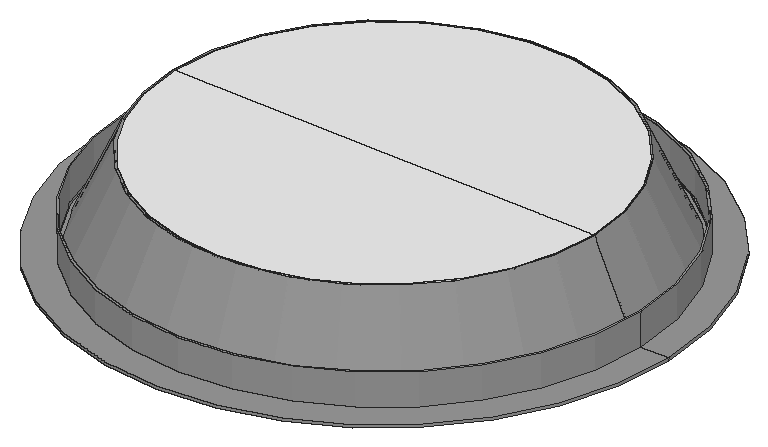
Revit family "Artemide_Tagora_Recessed_570", category Apparecchi per illuminazione, Revit 2018
Family settings
  Quota connettore circolare = Usa diametro
  Tipo di parte = Normale
  Basato su piano di lavoro = Sì
  Sempre verticale = Sì
  Taglio con vuoti quando caricato = Sì
  Sorgente d'illuminazione = Sì
  Condiviso = No
  Punto di calcolo locali = No
Parameters
  Wattage = 58 W
  built-in parameter 1150110 = 1 (stored number, unit not read)
  Voltage = "-"
  built-in parameter 1114217 = 1 (stored number, unit not read)
  Tilt Angle = 90.00°
  built-in parameter 1150109 = 1 (stored number, unit not read)
  built-in parameter 1150134 = 12
  built-in parameter 1150113 = 1 (stored number, unit not read)
  Product Range = "Tagora"
  File diagramma fotometrico = "M250321.IES"
  Max Height from ceiling = 0 mm
  M_Housing = Artemide_Aluminum_White
  M_Fixings = Artemide_Aluminum_Anodized
  M_Diffuser = Artemide_Glass_LightBulb
  built-in parameter 1150105 = 303.98 (stored number, unit not read)
  Lumens = 3819.88 lm
  built-in parameter 1150115 = 1 (stored number, unit not read)
  built-in parameter 1150137 = (empty or 0)
  built-in parameter 1150139 = (empty or 0)
  built-in parameter 1150112 = 1 (stored number, unit not read)
  built-in parameter 1150114 = 1 (stored number, unit not read)
  built-in parameter 1150132 = (empty or 0)
  built-in parameter 1150102 = (empty or 0)
  built-in parameter 1150107 = 4000 (stored number, unit not read)
  built-in parameter 1150138 = (empty or 0)
  built-in parameter 1150106 = 3.0398 (stored number, unit not read)
  IfcExportType = "NOT DEFINED"  # constant formula
  IfcExportAs = "IfcLightFixtureType"  # constant formula
  Weekly = "-"
  Warranty ID = "https://cloud.artemide.com/5-years-warranty"
  Upward Component  = 0
  Unified Glare Rating  = "-"
  Uniclass 2015 = "Pr_70_70_48"  # constant formula
  URL to O&M Manual = "https://www.artemide.com/contents/documenti/prodotto/tagora_incasso_570_instructions2520999.pdf"
  URL to Energy Technology List = "-"
  Trim Material = "Aluminium"
  Trim Finish = "Painted"
  Trim Colour  = "White"
  Total Power = 0
  Total Light Output  = 0
  Testing method = "-"
  Supply Phase = 0
  Suitable for Photocell Control = "-"
  Suitable for Motion Detector Control = "N"
  Suitable for Dimming  = "Y"
  Suitable Dimmer Type = "DALI"
  Standards = "-"
  Shipping Weight = 0
  Service life  = "-"
  Secondary Rated Lamp Life = 0
  Secondary Lamp Voltage = 0
  Secondary Lamp International Type Code = "-"
  Secondary Lamp Initial Lumens  = 0
  Secondary Lamp Included = "-"
  Secondary Lamp Efficacy = 0
  Secondary Lamp Colour Temperature = 0
  Secondary Lamp Colour Rendering Index = 0
  Secondary Lamp Cap = "-"
  Secondary Lamp = "-"
  Responsible Sourcing of Materials = "-"
  Responsible Extraction of Materials = "-"
  Rated Lamp Life = 50000
  Quarterly = "-"
  Product Model Number = "M250321"
  Product Literature = "https://www.artemide.com/en/subfamily/1657791/tagora-recessed-570"
  Primary Lamp Type = "LED"
  Power Supply Kit = "-"
  Power Factor = 0
  Photocell = "-"
  Overall Width = 0
  Overall Light Output Ratio = 0
  Overall Length = 642
  Overall Height = 0
  Output Lumens Indirect light = 0
  Output Lumens Direct light = 3820
  Number of Secondary Lamps = 0
  Number of Primary Lamps = 1
  Number of Poles = 0
  Motion Sensor = "-"
  Motion Detector = "-"
  Monthly = "-"
  Minimum Operating Temperature = 0
  Maximum Operating Temperature = 0
  Material Ingredient Reporting = "-"
  Manufacturer Website = "https://www.artemide.com"
  Produttore = "Artemide"
  Maintenance Required: 8001-12000hrs  = "-"
  Maintenance Required: 601-1000hrs = "-"
  Maintenance Required: 4001-8000hrs  = "-"
  Maintenance Required: 301-600hrs  = "-"
  Maintenance Required: 2001-4000hrs  = "-"
  Maintenance Required: 1001-2000hrs  = "-"
  Maintenance Required: 0-300hrs  = "-"
  Luminance at 65deg Angle = 0
  Luminaire Type = "Downlight"
  Luminaire Maintenance Factor = 0
  Luminaire Cleaning Interval  = "-"
  Louvre/Lens = "-"
  Location of Manufacturer = "-"
  Light Output Pattern = "-"
  Light Fixture Mounting Type = "Recessed"
  Life Cycle Analysis = "-"
  Lamp Survival Factor = "-"
  Lamp Replacement Interval = "-"
  Lamp Included = "Y"
  Lamp Cap = "LED Integrated"
  LED lifetime = 50000
  LED Maintained Colour Variation         = 0
  LED Initial Colour Variation                      = 0
  International Type Code = "-"
  Intended Market = "Unset"
  Integral Fuse or Circuit Protection  = "-"
  Integral Emergency Lighting Battery Type = "-"
  Input Lumens Indirect light = 0
  Input Lumens Direct light = 8880
  Initial Lumens = 3820
  Infills = "-"
  IP Rating = "IP20"
  IK Rating = "-"
  IES Files  = "https://www.artemide.com/product/downloadFile/1659086/ieseu/4887900"
  Housing Material = "Aluminium"
  Housing Finish  = "Painted"
  Housing Colour  = "White"
  Hazardous Area Protection Type = "-"
  Hazardous Area Category = "-"
  Gross Weight = 0
  Green Guide for Specification = "-"
  Frequency  = 0
  Fixings = "-"
  Fire Shroud = "-"
  Fire Rating Duration = 0
  Fire Rated Temperature = 0
  Fire Rated = "-"
  Features = "Any additional components/accessories included in this file are required to complete the product/configuration and must be ordered separately.Please check the catalogue/dedicated brochure for more information"
  Face Width = 0
  Face Shape = "Circular"
  Face Length = 0
  External Control Line Voltage = 0
  Expected Life = "-"
  Environmental Product Declaration = "-"
  End Caps/Transition Caps/Joints = "-"
  Emetti da diametro cerchio = 475 mm
  Rendi la forma visibile nel rendering = no
  Emergency light output percentage = 0
  Emergency Lighting Battery = "-"
  Emergency Charging Power       = 0
  Emergency = "N"
  Embodied Carbon  = 0
  Efficiency = 43
  built-in parameter 1150104 = 6.1186 (stored number, unit not read)
  Earth Point  = "-"
  ENEC Certification of European conformity = "N"
  Duration of Integral Emergency Lighting  = 0
  Drive Current                                          = 0
  Downward Component = 0
  Variazione temperatura colore lampada con luminosità attenuata = <Nessuno>
  Diffusing screen = "-"
  Designed by = "S./R. Cornelissen"
  Default Elevation = 1219.2 mm
  Daylight Sensor = "-"
  Daily = "-"
  Cut Out Width = 606
  Cut Out Length = 186
  Current  = 0
  Control Gear Type = "-"
  Control Gear Standby Power  = 0
  Control Gear Required = "-"
  Control Gear Location = "-"
  Column = "-"
  Colour Temperature = 4000
  Colour Rendering Index = 80
  Filtro dei colori = 16777215
  CE Approval = "Y"
  Bespoke Timeframe = "-"
  Beam Angle Transverse Axis  = 0.00°
  Beam Angle Longditudinal Axis  = 0.00°
  Basis of lifetime luminaire failures        = 0
  Basis of lifetime lumen depreciation   = 0
  built-in parameter 1114218 = 1 (stored number, unit not read)
  built-in parameter 1150133 = 10 (stored number, unit not read)
  Application Environment = "Internal"
  Annually = "-"
  Ambient Temperature                             = 0
  Air Handling = "-"
  Access Clearance Top = 0
  Access Clearance Right = 0
  Access Clearance Rear = 0
  Access Clearance Left = 0
  Access Clearance Front = 0
  Access Clearance Bottom = 0
  6 Monthly = "-"
Reference planes
  plane 1 "Center (Front/Back)": y = 0
  plane 2: z = 0
  plane 3 "Center (Left/Right)": x = 0
  plane 4 "Bottom Internal Cone": z = 1.9
  plane 5 "Top External Disc": z = 5
  plane 6 "Light": z = 112.881
  plane 7 "Center L/AA": z = 40
  plane 8 "Center L/CC": z = 196.25
  plane 9 "Center L/JJ": z = 99.75
  plane 10 "Center L/KK": z = 96.75
Forms (mm)
  Revolve 1, solid, material "Artemide_Aluminum_White" <- "M_Housing"
    sketch origin (0, 0, 0) x (1, 0, 0) y (0, 0, 1)
      loop
        line (-238.112, 99.75) -> (-283.74, 1.9) -> (-287.4, 1.9) -> (-287.4, 0) -> (-282.64, 0) -> (-236.126, 99.75) -> (-238.112, 99.75)
      axis (0, 99.75) -> (0, 0)
    angle from 0 to 360
  Revolve 2, solid, material "Artemide_Glass_LightBulb" <- "M_Diffuser"
    sketch origin (0, 0, 0) x (1, 0, 0) y (0, 0, 1)
      loop
        line (-236.101, 99.75) -> (-236.101, 96.75) -> (0, 96.75) -> (0, 99.75) -> (-236.101, 99.75)
      axis (0, 99.75) -> (0, 96.75)
    angle from 0 to 360
  Revolve 3, solid, material "Artemide_Aluminum_Anodized" <- "M_Fixings"
    sketch origin (0, 0, 0) x (1, 0, 0) y (0, 0, 1)
      loop
        line (-287.4, 1.9) -> (-287.4, 5) -> (-321, 5) -> (-321, 1.9) -> (-287.4, 1.9)
      axis (0, 5) -> (0, 1.9)
    angle from 0 to 360
  Extrusion 4, solid, material "Artemide_Aluminum_Anodized" <- "M_Fixings"
    sketch origin (0, 0, 0) x (1, 0, 0) y (0, 1, 0)
      loop
        circle (0, 0) r 287.4
      loop
        circle (0, 0) r 289
    from 5 to 40
  Extrusion 5, void
    sketch origin (0, 0, 0) x (1, 0, 0) y (0, 1, 0)
      loop
        circle (0, 0) r 287.4
    from 0 to 196.25
Dimensions and locks
  locked: plane 5 "Top External Disc" to plane 4 "Bottom Internal Cone" at 3.1
  locked: plane 7 "Center L/AA" to plane 2 at 40
  locked: plane 4 "Bottom Internal Cone" to plane 2 at 1.9
  plane 8 "Center L/CC" to plane 6 "Light" to plane 2 = 83.369 mm locked, 112.881 mm locked
  locked: plane 10 "Center L/KK" to plane 2 at 96.75
  locked: plane 9 "Center L/JJ" to plane 10 "Center L/KK" at 3
  aligned and locked: plane 6 "Light" to imposter light
  aligned and locked: plane 3 "Center (Left/Right)" to imposter light
  aligned and locked: imposter light to plane 1 "Center (Front/Back)"
  aligned and locked: Revolve 1 sketch curve to plane 3 "Center (Left/Right)"
  aligned and locked: Revolve 2 sketch curve to plane 3 "Center (Left/Right)"
  aligned and locked: Revolve 3 sketch curve to plane 5 "Top External Disc"
  aligned and locked: plane 4 "Bottom Internal Cone" to Revolve 3 sketch curve
  aligned and locked: Revolve 3 sketch curve to plane 3 "Center (Left/Right)"
  aligned and locked: Extrusion 4 to plane 5 "Top External Disc"
  aligned and locked: plane 7 "Center L/AA" to Extrusion 4
  aligned and locked: Extrusion 5 to plane 2
  aligned and locked: plane 8 "Center L/CC" to Extrusion 5
  aligned and locked: plane 4 "Bottom Internal Cone" to Revolve 1 sketch curve
  aligned and locked: Revolve 1 sketch curve to plane 2
  aligned and locked: Revolve 2 sketch curve to plane 9 "Center L/JJ"
  aligned and locked: plane 10 "Center L/KK" to Revolve 2 sketch curve
  aligned and locked: Revolve 1 sketch curve to plane 9 "Center L/JJ"
